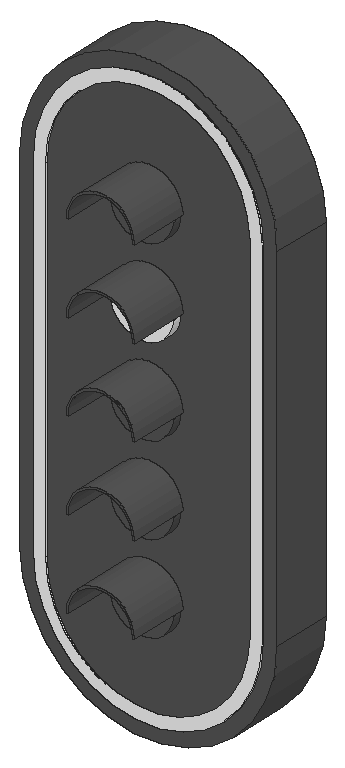
Revit family "Signalisation Type C", category Equipement spécialisé, Revit 2016
Family settings
  Type d'élément = Normal
  Cote de connecteur circulaire = Utiliser le diamètre
  Basée sur le plan de construction = Non
  Toujours verticalement = Oui
  Couper avec des vides une fois chargée = Non
  Partagée = Non
  Point de calcul de pièce = Non
Parameters (values of type "Blanc")
  Matériaux 5 = Gris 25
  Matériaux 4 = Gris 25
  Matériaux 3 = Gris 25
  Matériaux 2 = Blanc
  Matériaux 1 = Gris 25
Types (5, lengths in mm): name | Matériaux 5 | Matériaux 4 | Matériaux 3 | Matériaux 2
  (no name) | Gris 25 | Gris 25 | Gris 25 | Blanc
  Vert | Gris 25 | Gris 25 | Vert | Gris 25
  Rouge | Gris 25 | Rouge | Gris 25 | Gris 25
  Jaune | Jaune | Gris 25 | Gris 25 | Gris 25
  Blanc | Gris 25 | Gris 25 | Gris 25 | Blanc
Reference planes
  plane 1 "Centre (avant/arrière)": y = 0
  plane 2: z = 0
  plane 3 "Centre (gauche/droite)": x = 0
Forms (mm)
  Extrusion 1, solid, material "Gris 25"
    sketch origin (0, 0, 0) x (1, 0, 0) y (0, 0, 1)
      loop
        line (320, 320) -> (320, 1200)
        arc (320, 1200) -> (0, 1520) -> (-320, 1200) r 320
        line (-320, 1200) -> (-320, 320)
        arc (-320, 320) -> (0, 0) -> (320, 320) r 320
    from 0 to 150
  Sweep 2, solid, material "Blanc"
    path origin (0, -150, 0) x (1, 0, 0) y (0, 0, 1)
      loop
        line (270, 320) -> (270, 1200)
        arc (270, 1200) -> (0, 1470) -> (-270, 1200) r 270
        line (-270, 1200) -> (-270, 320)
        arc (-270, 320) -> (0, 50) -> (270, 320) r 270
    profile origin (270, -150, 760) x (-1, 0, 0) y (0, -1, 0)
      loop
        line (15, 0) -> (15, 2) -> (-15, 2) -> (-15, 0) -> (15, 0)
  Extrusion 3, solid, material "Gris 25" <- "Matériaux 5"
    sketch origin (0, -150, 0) x (1, 0, 0) y (0, 0, 1)
      loop
        circle (0, 320) r 80
    from 0 to 20
  Extrusion 4, solid, material "Gris 25" <- "Matériaux 4"
    sketch origin (0, -150, 220) x (1, 0, 0) y (0, 0, 1)
      loop
        circle (0, 320) r 80
    from 0 to 20
  Extrusion 5, solid, material "Gris 25" <- "Matériaux 3"
    sketch origin (0, -150, 440) x (1, 0, 0) y (0, 0, 1)
      loop
        circle (0, 320) r 80
    from 0 to 20
  Extrusion 6, solid, material "Blanc" <- "Matériaux 2"
    sketch origin (0, -150, 660) x (1, 0, 0) y (0, 0, 1)
      loop
        circle (0, 320) r 80
    from 0 to 20
  Extrusion 7, solid, material "Gris 25" <- "Matériaux 1"
    sketch origin (0, -150, 880) x (1, 0, 0) y (0, 0, 1)
      loop
        circle (0, 320) r 80
    from 0 to 20
  Extrusion 8, solid, material "Gris 25"
    sketch origin (0, -150, -220) x (1, 0, 0) y (0, 0, 1)
      loop
        line (80, 1420) -> (85, 1420)
        arc (85, 1420) -> (0, 1505) -> (-85, 1420) r 85
        line (-85, 1420) -> (-80, 1420)
        arc (-80, 1420) -> (0, 1500) -> (80, 1420) r 80
    from 0 to 150
  Extrusion 9, solid, material "Gris 25"
    sketch origin (0, -150, -440) x (1, 0, 0) y (0, 0, 1)
      loop
        line (80, 1420) -> (85, 1420)
        arc (85, 1420) -> (0, 1505) -> (-85, 1420) r 85
        line (-85, 1420) -> (-80, 1420)
        arc (-80, 1420) -> (0, 1500) -> (80, 1420) r 80
    from 0 to 150
  Extrusion 10, solid, material "Gris 25"
    sketch origin (0, -150, -660) x (1, 0, 0) y (0, 0, 1)
      loop
        line (80, 1420) -> (85, 1420)
        arc (85, 1420) -> (0, 1505) -> (-85, 1420) r 85
        line (-85, 1420) -> (-80, 1420)
        arc (-80, 1420) -> (0, 1500) -> (80, 1420) r 80
    from 0 to 150
  Extrusion 11, solid, material "Gris 25"
    sketch origin (0, -150, -880) x (1, 0, 0) y (0, 0, 1)
      loop
        line (80, 1420) -> (85, 1420)
        arc (85, 1420) -> (0, 1505) -> (-85, 1420) r 85
        line (-85, 1420) -> (-80, 1420)
        arc (-80, 1420) -> (0, 1500) -> (80, 1420) r 80
    from 0 to 150
  Extrusion 12, solid, material "Gris 25"
    sketch origin (0, -150, -1100) x (1, 0, 0) y (0, 0, 1)
      loop
        line (80, 1420) -> (85, 1420)
        arc (85, 1420) -> (0, 1505) -> (-85, 1420) r 85
        line (-85, 1420) -> (-80, 1420)
        arc (-80, 1420) -> (0, 1500) -> (80, 1420) r 80
    from 0 to 150
Dimensions and locks
  aligned and locked: level to plane 2
